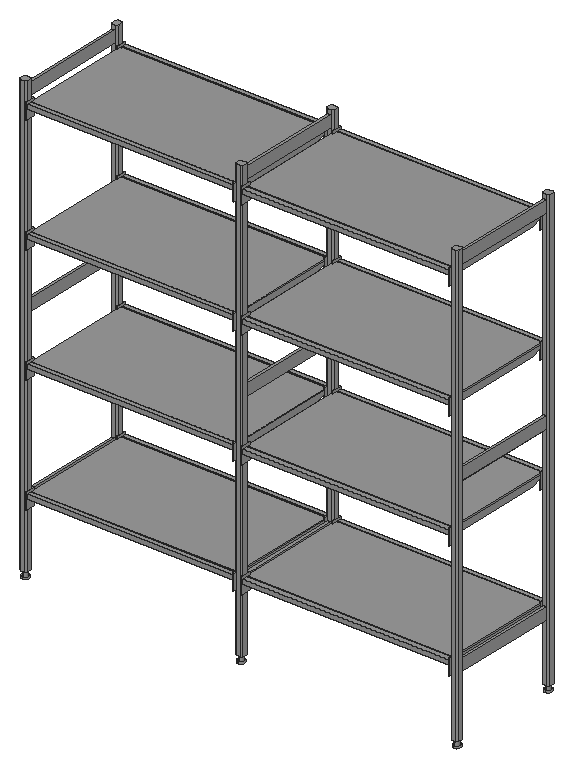
Revit family "QF_ELECTROLUXPROFESSIONAL_137040_BLS1696", category Attrezzature speciali, Revit 2020
Family settings
  Quota connettore circolare = Usa diametro
  Tipo di parte = Normale
  Basato su piano di lavoro = No
  Sempre verticale = Sì
  Taglio con vuoti quando caricato = No
  Condiviso = No
  Punto di calcolo locali = No
Parameters (values of type "Standard")
  Weight = 34.00 kg
  Watts = 0 W
  Volts = 0 V
  URL Manufacturer = "https://www.electroluxprofessional.com/"
  URL = "https://www.electroluxprofessional.com/"
  Steam Supply Size = 0 mm
  Steam Supply Minimum Pressure = 0.0 Pa
  Steam Supply Maximum Pressure = 0.0 Pa
  Steam Consumption per Hour = 0
  Refrigeration Suction Line Size = 0.0 mm
  Refrigeration Liquid Line Size = 0.0 mm
  Refrigerant Compressor Remote = yes
  Prospetto di default = 0.0 mm
  Phase = 0
  Modello = "BLS1696"
  Produttore = "Electrolux Professional"
  Length Actual = 1696.0 mm  # constant formula
  Item Number = "137040"
  Hot Water Size = 0 mm
  Height Actual = 1700.0 mm  # constant formula
  HP = "0 HP"
  Gas Size = 0 mm
  Gas KW = 0
  Gas Input Pressure = 0 W
  Direct Waste Size = 0 mm
  Descrizione = "ALUM.LINEAR SHELV.-POLY.TIERS-475X1696MM"
  Depth Actual = 475.0 mm  # constant formula
  Cycle = 0 Hz
  Condensate Return Size = 0 mm
  Compressed Air Volume = 0.0 L/s
  Compressed Air Size = 0 mm
  Compressed Air Pressure = 0.0 Pa
  Cold Water Size = 0 mm
  Accessory = yes
Reference planes
  plane 1: z = 0
  plane 2 "CenterLeft": x = -31
  plane 3 "LEFT": x = -417
  plane 4 "BACK": y = 23
  plane 5 "FRONT": y = -452
  plane 6 "TOP": z = 1700
  plane 7: x = -385
  plane 8: x = 413
  plane 9 "Center (Front/Back)": y = -214.5
  plane 10: y = -8.5
  plane 11: y = -420.5
  plane 12 "FEET": z = 25
  plane 13: z = 275
  plane 14: z = 725
  plane 15: z = 1175
  plane 16: z = 1625
  plane 17 "CXLeft": x = -403
  plane 18 "Center (Left/Right)": x = 431
  plane 19: y = 5.5
  plane 20 "CYBack": y = 5.5
  plane 21 "CYFront": y = -434.5
  plane 22 "RIGHT": x = 1279
  plane 23: x = 1247
  plane 24 "CXRight": x = 1265
  plane 25: x = 449
Forms (mm)
  Extrusion 1, solid, material "QF_Aluminum"
    sketch origin (-417, 0, -4.006) x (0, 1, 0) y (0, 0, 1)
      loop
        line (-12, 1637.003) -> (4, 1637.003) -> (4, 1655) -> (2.007, 1655) -> (2.007, 1648.501) -> (-431, 1648.501) -> (-431, 1655) -> (-433, 1655) -> (-433, 1637.003) -> (-417, 1637.003) -> (-383, 1625) -> (-46, 1625) -> (-12, 1637.003)
      loop
        line (-12, 1187.003) -> (4, 1187.003) -> (4, 1205) -> (2.007, 1205) -> (2.007, 1198.501) -> (-431, 1198.501) -> (-431, 1205) -> (-433, 1205) -> (-433, 1187.003) -> (-417, 1187.003) -> (-383, 1175) -> (-46, 1175) -> (-12, 1187.003)
      loop
        line (-12, 737.003) -> (4, 737.003) -> (4, 755) -> (2.007, 755) -> (2.007, 748.501) -> (-431, 748.501) -> (-431, 755) -> (-433, 755) -> (-433, 737.003) -> (-417, 737.003) -> (-383, 725) -> (-46, 725) -> (-12, 737.003)
      loop
        line (-12, 287.003) -> (4, 287.003) -> (4, 305) -> (2.007, 305) -> (2.007, 298.501) -> (-431, 298.501) -> (-431, 305) -> (-433, 305) -> (-433, 287.003) -> (-417, 287.003) -> (-383, 275) -> (-46, 275) -> (-12, 287.003)
    from 37 to 32
  Extrusion 2, solid, material "QF_Aluminum"
    sketch origin (-417, 0, 0) x (0, 1, 0) y (0, 0, 1)
      loop
        line (23, 246.005) -> (23, 307.993) -> (-12.993, 307.993) -> (-12.993, 246.005) -> (23, 246.005)
      loop
        line (-452, 246.005) -> (-416.007, 246.005) -> (-416.007, 307.993) -> (-452, 307.993) -> (-452, 246.005)
      loop
        line (23, 696.005) -> (23, 757.993) -> (-12.993, 757.993) -> (-12.993, 696.005) -> (23, 696.005)
      loop
        line (-452, 696.005) -> (-416.007, 696.005) -> (-416.007, 757.993) -> (-452, 757.993) -> (-452, 696.005)
      loop
        line (23, 1146.005) -> (23, 1207.993) -> (-12.993, 1207.993) -> (-12.993, 1146.005) -> (23, 1146.005)
      loop
        line (-452, 1146.005) -> (-416.007, 1146.005) -> (-416.007, 1207.993) -> (-452, 1207.993) -> (-452, 1146.005)
      loop
        line (23, 1596.005) -> (23, 1657.993) -> (-12.993, 1657.993) -> (-12.993, 1596.005) -> (23, 1596.005)
      loop
        line (-452, 1596.005) -> (-416.007, 1596.005) -> (-416.007, 1657.993) -> (-452, 1657.993) -> (-452, 1596.005)
    from 28 to 32
  Extrusion 3, solid, material "QF_Aluminum"
    sketch origin (-417, 0, 0) x (0, 1, 0) y (0, 0, 1)
      loop
        line (4, 1650.994) -> (4, 1632.998) -> (23, 1632.998) -> (23, 1650.994) -> (4, 1650.994)
      loop
        line (-433, 1650.994) -> (-452, 1650.994) -> (-452, 1632.998) -> (-433, 1632.998) -> (-433, 1650.994)
      loop
        line (4, 1200.994) -> (4, 1182.998) -> (23, 1182.998) -> (23, 1200.994) -> (4, 1200.994)
      loop
        line (-433, 1200.994) -> (-452, 1200.994) -> (-452, 1182.998) -> (-433, 1182.998) -> (-433, 1200.994)
      loop
        line (4, 750.994) -> (4, 732.998) -> (23, 732.998) -> (23, 750.994) -> (4, 750.994)
      loop
        line (-433, 750.994) -> (-452, 750.994) -> (-452, 732.998) -> (-433, 732.998) -> (-433, 750.994)
      loop
        line (4, 300.994) -> (4, 282.998) -> (23, 282.998) -> (23, 300.994) -> (4, 300.994)
      loop
        line (-433, 300.994) -> (-452, 300.994) -> (-452, 282.998) -> (-433, 282.998) -> (-433, 300.994)
    from 32 to 830
  Extrusion 4, solid, material "QF_Polyethylene"
    sketch origin (-417, 0, 0) x (0, 1, 0) y (0, 0, 1)
      loop
        line (2.007, 1650.994) -> (-431, 1650.994) -> (-431, 1644.496) -> (2.007, 1644.496) -> (2.007, 1650.994)
      loop
        line (2.007, 1200.994) -> (-431, 1200.994) -> (-431, 1194.496) -> (2.007, 1194.496) -> (2.007, 1200.994)
      loop
        line (2.007, 750.994) -> (-431, 750.994) -> (-431, 744.496) -> (2.007, 744.496) -> (2.007, 750.994)
      loop
        line (2.007, 300.994) -> (-431, 300.994) -> (-431, 294.496) -> (2.007, 294.496) -> (2.007, 300.994)
    from 32 to 830
  Extrusion 5, solid, material "QF_Aluminum"
    sketch origin (1279, 0, 0) x (0, 1, 0) y (0, 0, 1)
      loop
        line (4, 1650.994) -> (4, 1632.998) -> (23, 1632.998) -> (23, 1650.994) -> (4, 1650.994)
      loop
        line (-433, 1650.994) -> (-452, 1650.994) -> (-452, 1632.998) -> (-433, 1632.998) -> (-433, 1650.994)
      loop
        line (4, 1200.994) -> (4, 1182.998) -> (23, 1182.998) -> (23, 1200.994) -> (4, 1200.994)
      loop
        line (-433, 1200.994) -> (-452, 1200.994) -> (-452, 1182.998) -> (-433, 1182.998) -> (-433, 1200.994)
      loop
        line (4, 750.994) -> (4, 732.998) -> (23, 732.998) -> (23, 750.994) -> (4, 750.994)
      loop
        line (-433, 750.994) -> (-452, 750.994) -> (-452, 732.998) -> (-433, 732.998) -> (-433, 750.994)
      loop
        line (4, 300.994) -> (4, 282.998) -> (23, 282.998) -> (23, 300.994) -> (4, 300.994)
      loop
        line (-433, 300.994) -> (-452, 300.994) -> (-452, 282.998) -> (-433, 282.998) -> (-433, 300.994)
    from -32 to -830
  Extrusion 6, solid, material "QF_Polyethylene"
    sketch origin (1279, 0, 0) x (0, 1, 0) y (0, 0, 1)
      loop
        line (2.007, 1650.994) -> (-431, 1650.994) -> (-431, 1644.496) -> (2.007, 1644.496) -> (2.007, 1650.994)
      loop
        line (2.007, 1200.994) -> (-431, 1200.994) -> (-431, 1194.496) -> (2.007, 1194.496) -> (2.007, 1200.994)
      loop
        line (2.007, 750.994) -> (-431, 750.994) -> (-431, 744.496) -> (2.007, 744.496) -> (2.007, 750.994)
      loop
        line (2.007, 300.994) -> (-431, 300.994) -> (-431, 294.496) -> (2.007, 294.496) -> (2.007, 300.994)
    from -32 to -830
Lines and regions (mm)
  symbolic lines
    curve 1: line (413, 4, 1700) -> (-385, 4, 1700)
    curve 2: line (-408, -8.5, 1700) -> (-408, -420.5, 1700)
    curve 3: line (-398, -420.5, 1700) -> (-398, -8.5, 1700)
    curve 4: line (-389, 23, 1700) -> (417, 23, 1700)
    curve 5: line (-385, -452, 1700) -> (413, -452, 1700)
    curve 6: line (445, 23, 1700) -> (1251, 23, 1700)
    curve 7: line (445, -452, 1700) -> (1251, -452, 1700)
    curve 8: line (-385, -433, 1700) -> (413, -433, 1700)
    curve 9: line (449, -433, 1700) -> (1247, -433, 1700)
    curve 10: line (449, 4, 1700) -> (1247, 4, 1700)
    curve 11: line (1247, -12.993, 1700) -> (1247, -416.007, 1700)
    curve 12: line (413, -12.993, 1700) -> (413, -416.007, 1700)
    curve 13: line (449, -416.007, 1700) -> (449, -12.993, 1700)
    curve 14: line (-385, -12.993, 1700) -> (-385, -416.007, 1700)
Dimensions and locks
  plane 3 "LEFT" to plane 2 "CenterLeft" = 386.0 mm
  locked: plane 6 "TOP" to level at 1700
  locked: plane 4 "BACK" to plane 5 "FRONT" at 475
  locked: plane 7 to plane 8 at 798
  locked: plane 10 to plane 11 at 412
  equal spacing: plane 10, plane 9 "Center (Front/Back)", plane 11
  equal spacing: plane 4 "BACK", plane 9 "Center (Front/Back)", plane 5 "FRONT"
  plane 12 "FEET" to level = 25.0 mm
  plane 6 "TOP" to plane 12 "FEET" = 1675.0 mm
  plane 13 to plane 12 "FEET" = 250.0 mm
  plane 14 to plane 13 = 450.0 mm
  plane 15 to plane 14 = 450.0 mm
  plane 16 to plane 15 = 450.0 mm
  locked: plane 4 "BACK" to plane 20 "CYBack" at 17.5
  locked: plane 21 "CYFront" to plane 5 "FRONT" at 17.5
  locked: plane 4 "BACK" to Extrusion 1 at 19
  locked: Extrusion 1 to plane 5 "FRONT" at 19
  Extrusion 1 sketch curve to plane 21 "CYFront" = 3.5 mm
  plane 3 "LEFT" to plane 22 "RIGHT" = 1696.0 mm
  locked: plane 25 to plane 23 at 798
  locked: plane 8 to plane 18 "Center (Left/Right)" at 18
  locked: plane 18 "Center (Left/Right)" to plane 25 at 18
  locked: plane 3 "LEFT" to plane 7 at 32
  locked: plane 24 "CXRight" to plane 22 "RIGHT" at 14
  aligned and locked: level to plane 1
  aligned and locked: plane 7 to Extrusion 1
  aligned and locked: Extrusion 2 to plane 7
  aligned and locked: plane 7 to Extrusion 4
  aligned and locked: Extrusion 4 to plane 8
  aligned and locked: plane 7 to Extrusion 3
  aligned and locked: Extrusion 3 to plane 8
  aligned and locked: Extrusion 3 sketch curve to Extrusion 1
  aligned and locked: Extrusion 1 to Extrusion 3 sketch curve
  aligned and locked: Extrusion 3 sketch curve to Extrusion 3 sketch curve  (x2)
  aligned and locked: Extrusion 1 sketch curve to Extrusion 1 sketch curve  (x3)
  aligned and locked: Extrusion 4 sketch curve to Extrusion 1  (x4)
  aligned and locked: Extrusion 5 sketch curve to Extrusion 5 sketch curve  (x2)
  aligned and locked: Extrusion 5 to plane 25
  aligned and locked: Extrusion 6 to plane 25
  aligned and locked: nested 3 to plane 18 "Center (Left/Right)"
  aligned and locked: nested 1 to plane 17 "CXLeft"
  aligned and locked: Extrusion 3 to plane 7  (x3)
  aligned and locked: plane 8 to Extrusion 3  (x4)
  aligned and locked: plane 25 to Extrusion 5  (x4)
  aligned and locked: plane 25 to Extrusion 6  (x4)
  aligned and locked: plane 8 to Extrusion 4  (x4)
  aligned and locked: nested 2 to plane 24 "CXRight"
  aligned and locked: Extrusion 5 to plane 23
  aligned and locked: Extrusion 6 to plane 23
  aligned and locked: plane 23 to Extrusion 5  (x3)
  aligned and locked: plane 23 to Extrusion 6  (x3)
Automatic sketch dimensions
  plane 21 "CYFront" to Extrusion 1 sketch curve = 1.5 mm  (x4)
  plane 11 to Extrusion 1 sketch curve = 3.5 mm  (x4)
  Extrusion 1 sketch curve to plane 13 = 4.006 mm
  Extrusion 1 sketch curve to Extrusion 1 sketch curve = 34.0 mm  (x4)
  Extrusion 1 sketch curve to plane 14 = 4.006 mm
  Extrusion 1 sketch curve to plane 15 = 4.006 mm
  Extrusion 1 sketch curve to plane 16 = 4.006 mm
  Extrusion 1 sketch curve to plane 10 = 37.5 mm  (x4)
  Extrusion 1 sketch curve to plane 10 = 3.5 mm  (x4)
  plane 19 to Extrusion 1 sketch curve = 3.493 mm  (x4)
  plane 19 to Extrusion 1 sketch curve = 1.5 mm  (x4)
  plane 13 to Extrusion 1 sketch curve = 7.998 mm  (x2)
  Extrusion 1 sketch curve to Extrusion 1 sketch curve = 11.498 mm  (x4)
  Extrusion 1 sketch curve to Extrusion 1 sketch curve = 6.499 mm  (x8)
  plane 14 to Extrusion 1 sketch curve = 7.998 mm  (x2)
  plane 15 to Extrusion 1 sketch curve = 7.998 mm  (x2)
  plane 16 to Extrusion 1 sketch curve = 7.998 mm  (x2)
  Extrusion 2 sketch curve to plane 5 "FRONT" = 0.0 mm  (x4)
  Extrusion 2 sketch curve to plane 4 "BACK" = 0.0 mm  (x4)
  plane 11 to Extrusion 2 sketch curve = 4.493 mm  (x4)
  Extrusion 2 sketch curve to plane 10 = 4.493 mm  (x4)
  Extrusion 2 sketch curve to plane 13 = 28.995 mm  (x2)
  plane 13 to Extrusion 2 sketch curve = 32.993 mm  (x2)
  Extrusion 2 sketch curve to plane 14 = 28.995 mm  (x2)
  plane 14 to Extrusion 2 sketch curve = 32.993 mm  (x2)
  Extrusion 2 sketch curve to plane 15 = 28.995 mm  (x2)
  plane 15 to Extrusion 2 sketch curve = 32.993 mm  (x2)
  Extrusion 2 sketch curve to plane 16 = 28.995 mm  (x2)
  plane 16 to Extrusion 2 sketch curve = 32.993 mm  (x2)
  Extrusion 3 sketch curve to plane 5 "FRONT" = 0.0 mm  (x4)
  Extrusion 3 sketch curve to plane 4 "BACK" = 0.0 mm  (x4)
  plane 19 to Extrusion 3 sketch curve = 1.5 mm  (x4)
  plane 13 to Extrusion 3 sketch curve = 7.998 mm  (x2)
  Extrusion 3 sketch curve to Extrusion 3 sketch curve = 17.997 mm  (x8)
  plane 14 to Extrusion 3 sketch curve = 7.998 mm  (x2)
  plane 15 to Extrusion 3 sketch curve = 7.998 mm  (x2)
  plane 16 to Extrusion 3 sketch curve = 7.998 mm  (x2)
  plane 19 to Extrusion 4 sketch curve = 3.493 mm  (x4)
  plane 13 to Extrusion 4 sketch curve = 19.496 mm
  Extrusion 4 sketch curve to Extrusion 4 sketch curve = 6.499 mm  (x4)
  plane 14 to Extrusion 4 sketch curve = 19.496 mm
  plane 15 to Extrusion 4 sketch curve = 19.496 mm
  plane 16 to Extrusion 4 sketch curve = 19.496 mm
  Extrusion 5 sketch curve to plane 5 "FRONT" = 0.0 mm  (x4)
  Extrusion 5 sketch curve to plane 4 "BACK" = 0.0 mm  (x4)
  plane 21 "CYFront" to Extrusion 5 sketch curve = 1.5 mm  (x2)
  plane 19 to Extrusion 5 sketch curve = 1.5 mm  (x4)
  plane 13 to Extrusion 5 sketch curve = 7.998 mm  (x2)
  Extrusion 5 sketch curve to Extrusion 5 sketch curve = 17.997 mm  (x8)
  plane 14 to Extrusion 5 sketch curve = 7.998 mm  (x2)
  plane 15 to Extrusion 5 sketch curve = 7.998 mm  (x2)
  plane 16 to Extrusion 5 sketch curve = 7.998 mm  (x2)
  plane 21 "CYFront" to Extrusion 6 sketch curve = 3.5 mm  (x4)
  plane 19 to Extrusion 6 sketch curve = 3.493 mm  (x4)
  plane 13 to Extrusion 6 sketch curve = 19.496 mm
  Extrusion 6 sketch curve to Extrusion 6 sketch curve = 6.499 mm  (x4)
  plane 14 to Extrusion 6 sketch curve = 19.496 mm
  plane 15 to Extrusion 6 sketch curve = 19.496 mm
  plane 16 to Extrusion 6 sketch curve = 19.496 mm
  curve 7 to plane 5 "FRONT" = 0.0 mm
  curve 5 to plane 5 "FRONT" = 0.0 mm
  curve 8 to plane 8 = 0.0 mm
  curve 9 to plane 25 = 0.0 mm
  curve 9 to plane 23 = 0.0 mm
  curve 8 to plane 7 = 0.0 mm
  curve 2 to plane 11 = 0.0 mm
  curve 3 to plane 11 = 0.0 mm
  curve 14 to plane 7 = 0.0 mm
  curve 13 to plane 25 = 0.0 mm
  curve 12 to plane 8 = 0.0 mm
  curve 11 to plane 23 = 0.0 mm
  curve 3 to plane 10 = 0.0 mm
  curve 2 to plane 10 = 0.0 mm
  curve 1 to plane 8 = 0.0 mm
  curve 1 to plane 7 = 0.0 mm
  curve 10 to plane 23 = 0.0 mm
  curve 10 to plane 25 = 0.0 mm
  curve 4 to plane 4 "BACK" = 0.0 mm
  curve 6 to plane 4 "BACK" = 0.0 mm
  curve 5 to plane 8 = 0.0 mm
  curve 5 to plane 7 = 0.0 mm
  plane 21 "CYFront" to curve 8 = 1.5 mm
  plane 21 "CYFront" to curve 9 = 1.5 mm
  plane 11 to curve 14 = 4.493 mm
  plane 11 to curve 13 = 4.493 mm
  plane 11 to curve 12 = 4.493 mm
  plane 11 to curve 11 = 4.493 mm
  curve 14 to plane 10 = 4.493 mm
  curve 13 to plane 10 = 4.493 mm
  curve 12 to plane 10 = 4.493 mm
  curve 11 to plane 10 = 4.493 mm
  plane 19 to curve 1 = 1.5 mm
  plane 19 to curve 10 = 1.5 mm
  curve 6 to plane 23 = 4.0 mm
  curve 7 to plane 23 = 4.0 mm
  curve 6 to plane 25 = 4.0 mm
  curve 7 to plane 25 = 4.0 mm
  curve 4 to plane 8 = 4.0 mm
  plane 7 to curve 4 = 4.0 mm
  plane 17 "CXLeft" to curve 3 = 5.0 mm
  curve 2 to plane 17 "CXLeft" = 5.0 mm
Nested families
  nested 1: "WT_Anta475" at (0, 0, 0), type "WT_Anta475"
  nested 2: "WT_Anta475" at (862, 0, 0) x (-1, 0, 0) z (0, 0, 1), type "WT_Anta475"
  nested 3: "WT_Anta475Center" at (834, 0, 0), type "WT_Anta475Center"
Definition of nested family "WT_Anta475"
  Parameters
    WidthLeft = A + 64.0 mm  # 772.0 mm
    Width = 1606.0 mm
    Right = WidthLeft / 2  # 386.0 mm
    Default Elevation = 0.0 mm
    Left = -WidthLeft / 2  # -386.0 mm
    Height = 1725.0 mm
    FEET = 25.0 mm
    E = 0.0 mm
    Dint = Depth - 63.0 mm  # 412.0 mm
    Dext = Depth - 8.0 mm  # 467.0 mm
    Depth = 475.0 mm
    DX = (WidthLeft - A) / 2  # 32.0 mm
    B = 798.0 mm
    A = 708.0 mm
  Reference planes
    plane 1: z = 0
    plane 2 "LEFT": x = -417
    plane 3 "BACK": y = 23
    plane 4 "FRONT": y = -452
    plane 5 "TOP": z = 1725
    plane 6 "Center (Front/Back)": y = -214.5
    plane 7: y = -8.5
    plane 8: y = -420.5
    plane 9 "FEET": z = 25
    plane 10: z = 275
    plane 11: z = 725
    plane 12: z = 1175
    plane 13: z = 1625
    plane 14 "CXLeft": x = -403
    plane 15: y = 5.5
    plane 16 "CYBack": y = 5.5
    plane 17 "CYFront": y = -434.5
    plane 18: x = -385.031
    plane 19: x = -380.031
  Forms (mm)
    Extrusion 1, solid
      sketch origin (0, 0, 0) x (1, 0, 0) y (0, 1, 0)
        loop
          line (-417, 13.246) -> (-417, -2.246) -> (-410.746, -8.5) -> (-395.254, -8.5) -> (-389, -2.246) -> (-389, 13.246) -> (-395.254, 19.5) -> (-410.746, 19.5) -> (-417, 13.246)
      from 1725 to 25
    Extrusion 2, solid
      sketch origin (-417, 0, 0) x (0, 1, 0) y (0, 0, 1)
        loop
          line (23, 246.005) -> (23, 307.993) -> (-12.993, 307.993) -> (-12.993, 246.005) -> (23, 246.005)
        loop
          line (-452, 246.005) -> (-416.007, 246.005) -> (-416.007, 307.993) -> (-452, 307.993) -> (-452, 246.005)
        loop
          line (23, 696.005) -> (23, 757.993) -> (-12.993, 757.993) -> (-12.993, 696.005) -> (23, 696.005)
        loop
          line (-452, 696.005) -> (-416.007, 696.005) -> (-416.007, 757.993) -> (-452, 757.993) -> (-452, 696.005)
        loop
          line (23, 1146.005) -> (23, 1207.993) -> (-12.993, 1207.993) -> (-12.993, 1146.005) -> (23, 1146.005)
        loop
          line (-452, 1146.005) -> (-416.007, 1146.005) -> (-416.007, 1207.993) -> (-452, 1207.993) -> (-452, 1146.005)
        loop
          line (23, 1596.005) -> (23, 1657.993) -> (-12.993, 1657.993) -> (-12.993, 1596.005) -> (23, 1596.005)
        loop
          line (-452, 1596.005) -> (-416.007, 1596.005) -> (-416.007, 1657.993) -> (-452, 1657.993) -> (-452, 1596.005)
      from 28 to 32
    Revolve 3, solid
      sketch origin (-403, 0, 0) x (0, 1, 0) y (0, 0, 1)
        loop
          line (5.5, 25) -> (5.5, 0) -> (19, 0) -> (19, 5) -> (14, 5) -> (14, 25) -> (5.5, 25)
        axis (5.5, 25) -> (5.5, 0)
      angle from 0 to 360
    Extrusion 4, solid
      sketch origin (-403, 0, 0) x (0, 1, 0) y (0, 0, 1)
        loop
          line (-8.5, 912.382) -> (-8.5, 957.374) -> (-420.5, 957.374) -> (-420.5, 912.382) -> (-8.5, 912.382)
        loop
          line (-8.5, 1662.244) -> (-8.5, 1707.236) -> (-420.5, 1707.236) -> (-420.5, 1662.244) -> (-8.5, 1662.244)
      from -5 to 5
    Revolve 5, solid
      sketch origin (-403, -627, 0) x (0, -1, 0) y (0, 0, 1)
        loop
          line (-192.5, 25) -> (-192.5, 0) -> (-179, 0) -> (-179, 5) -> (-184, 5) -> (-184, 25) -> (-192.5, 25)
        axis (-192.5, 25) -> (-192.5, 0)
      angle from 0 to 360
    Extrusion 6, solid
      sketch origin (0, -627, 0) x (1, 0, 0) y (0, 1, 0)
        loop
          line (-417, 184.754) -> (-410.746, 178.5) -> (-395.254, 178.5) -> (-389, 184.754) -> (-389, 200.246) -> (-395.254, 206.5) -> (-410.746, 206.5) -> (-417, 200.246) -> (-417, 184.754)
      from 1725 to 25
    Extrusion 7, solid
      sketch origin (-417.031, -0.022, 0) x (0, 1, 0) y (0, 0, -1)
        loop
          line (-12, -1632.998) -> (-46, -1620.994) -> (-383, -1620.994) -> (-417, -1632.998) -> (-433, -1632.998) -> (-433, -1650.994) -> (-431, -1650.994) -> (-431, -1644.496) -> (2.007, -1644.496) -> (2.007, -1650.994) -> (4, -1650.994) -> (4, -1632.998) -> (-12, -1632.998)
        loop
          line (-12, -1182.998) -> (-46, -1170.994) -> (-383, -1170.994) -> (-417, -1182.998) -> (-433, -1182.998) -> (-433, -1200.994) -> (-431, -1200.994) -> (-431, -1194.496) -> (2.007, -1194.496) -> (2.007, -1200.994) -> (4, -1200.994) -> (4, -1182.998) -> (-12, -1182.998)
        loop
          line (-12, -732.998) -> (-46, -720.994) -> (-383, -720.994) -> (-417, -732.998) -> (-433, -732.998) -> (-433, -750.994) -> (-431, -750.994) -> (-431, -744.496) -> (2.007, -744.496) -> (2.007, -750.994) -> (4, -750.994) -> (4, -732.998) -> (-12, -732.998)
        loop
          line (-12, -282.998) -> (-46, -270.994) -> (-383, -270.994) -> (-417, -282.998) -> (-433, -282.998) -> (-433, -300.994) -> (-431, -300.994) -> (-431, -294.496) -> (2.007, -294.496) -> (2.007, -300.994) -> (4, -300.994) -> (4, -282.998) -> (-12, -282.998)
      from -32 to -37
    Extrusion 8, solid
      sketch origin (-403, 0, -659.878) x (0, 1, 0) y (0, 0, 1)
        loop
          line (-8.5, 912.382) -> (-8.5, 957.374) -> (-420.5, 957.374) -> (-420.5, 912.382) -> (-8.5, 912.382)
        loop
          line (-8.5, 1572.382) -> (-8.5, 1617.374) -> (-420.5, 1617.374) -> (-420.5, 1572.382) -> (-8.5, 1572.382)
        loop
          line (-8.5, 2322.382) -> (-8.5, 2367.374) -> (-420.5, 2367.374) -> (-420.5, 2322.382) -> (-8.5, 2322.382)
      from -5 to 5
  Lines and regions (mm)
    symbolic lines
      curve 1: line (-408, -8.5, 1725) -> (-408, -420.5, 1725)
      curve 2: line (-398, -420.5, 1725) -> (-398, -8.5, 1725)
      curve 3: line (-395.254, -8.5, 1725) -> (-410.746, -8.5, 1725)
      curve 4: line (-417, -2.246, 1725) -> (-410.746, -8.5, 1725)
      curve 5: line (-417, 13.246, 1725) -> (-417, -2.246, 1725)
      curve 6: line (-410.746, 19.5, 1725) -> (-417, 13.246, 1725)
      curve 7: line (-395.254, 19.5, 1725) -> (-410.746, 19.5, 1725)
      curve 8: line (-389, 13.246, 1725) -> (-395.254, 19.5, 1725)
      curve 9: line (-395.254, -8.5, 1725) -> (-389, -2.246, 1725)
      curve 10: line (-395.254, -420.5, 1725) -> (-410.746, -420.5, 1725)
      curve 11: line (-417, -426.754, 1725) -> (-410.746, -420.5, 1725)
      curve 12: line (-410.746, -448.5, 1725) -> (-417, -442.246, 1725)
      curve 13: line (-395.254, -448.5, 1725) -> (-410.746, -448.5, 1725)
      curve 14: line (-389, -442.246, 1725) -> (-395.254, -448.5, 1725)
      curve 15: line (-395.254, -420.5, 1725) -> (-389, -426.754, 1725)
      curve 16: line (-389, -452, 1725) -> (-389, -416.007, 1725)
      curve 17: line (-389, -416.007, 1725) -> (-385, -416.007, 1725)
      curve 18: line (-389, 23, 1725) -> (-389, -12.993, 1725)
      curve 19: line (-389, -12.993, 1725) -> (-385, -12.993, 1725)
      curve 20: line (-417, -426.754, 1725) -> (-417, -442.246, 1725)
      curve 21: line (-385, -452, 1725) -> (-385, -416.007, 1725)
      curve 22: line (-385, -452, 1725) -> (-389, -452, 1725)
      curve 23: line (-385, 23, 1725) -> (-389, 23, 1725)
      curve 24: line (-385, -12.993, 1725) -> (-385, 23, 1725)
      curve 25: line (-385.031, -13.016, 1725) -> (-385.031, -416.029, 1725)
  Dimensions and locks
    "Height": plane 5 "TOP" to level
    "Depth": plane 3 "BACK" to plane 4 "FRONT"
    "Dint": plane 7 to plane 8
    equal spacing: plane 7, plane 6 "Center (Front/Back)", plane 8
    equal spacing: plane 3 "BACK", plane 6 "Center (Front/Back)", plane 4 "FRONT"
    plane 9 "FEET" to level = 25.0 mm
    plane 5 "TOP" to plane 9 "FEET" = 1700.0 mm
    plane 10 to plane 9 "FEET" = 250.0 mm
    plane 11 to plane 10 = 450.0 mm
    plane 12 to plane 11 = 450.0 mm
    plane 13 to plane 12 = 450.0 mm
    locked: plane 2 "LEFT" to plane 14 "CXLeft" at 14
    locked: plane 3 "BACK" to plane 16 "CYBack" at 17.5
    locked: plane 17 "CYFront" to plane 4 "FRONT" at 17.5
    locked: Revolve 3 sketch curve to Revolve 3 sketch curve at 8.5
    locked: Revolve 3 sketch curve to plane 16 "CYBack" at 13.5
    locked: Revolve 5 sketch curve to Revolve 5 sketch curve at 8.5
    aligned and locked: level to plane 1
    aligned and locked: curve 20 to Extrusion 6
    aligned and locked: plane 5 "TOP" to Extrusion 1
    aligned and locked: plane 5 "TOP" to Extrusion 6
    aligned and locked: Extrusion 7 sketch curve to Extrusion 7 sketch curve  (x3)
  Automatic sketch dimensions
    curve 16 to plane 4 "FRONT" = 0.0 mm
    curve 11 to plane 8 = 0.0 mm
    curve 9 to plane 7 = 0.0 mm
    curve 5 to plane 2 "LEFT" = 0.0 mm
    curve 23 to plane 3 "BACK" = 0.0 mm
    plane 4 "FRONT" to curve 13 = 3.5 mm
    curve 20 to plane 17 "CYFront" = 7.746 mm
    curve 20 to plane 8 = 6.254 mm
    plane 8 to curve 16 = 4.493 mm
    curve 24 to plane 18 = 0.031 mm
    curve 24 to plane 7 = 4.493 mm
    plane 7 to curve 5 = 6.254 mm
    curve 5 to plane 15 = 7.746 mm
    curve 6 to plane 3 "BACK" = 3.5 mm
    curve 21 to plane 18 = 0.031 mm
    plane 18 to curve 23 = 3.969 mm
    plane 18 to curve 16 = 3.969 mm
    curve 18 to curve 8 = 6.254 mm
    curve 18 to curve 3 = 6.254 mm
    curve 16 to curve 13 = 6.254 mm
    curve 16 to curve 15 = 6.254 mm
    plane 2 "LEFT" to curve 10 = 6.254 mm
    plane 2 "LEFT" to curve 7 = 6.254 mm
    plane 2 "LEFT" to curve 12 = 6.254 mm
    plane 2 "LEFT" to curve 3 = 6.254 mm
    curve 14 to plane 17 "CYFront" = 7.746 mm
    curve 15 to plane 8 = 6.254 mm
    plane 7 to curve 9 = 6.254 mm
    curve 8 to plane 15 = 7.746 mm
    curve 3 to curve 2 = 2.746 mm
    curve 1 to curve 10 = 2.746 mm
    Extrusion 1 sketch curve to plane 2 "LEFT" = 0.0 mm
    Extrusion 1 sketch curve to plane 7 = 0.0 mm
    plane 2 "LEFT" to Extrusion 1 sketch curve = 6.254 mm  (x2)
    plane 14 "CXLeft" to Extrusion 1 sketch curve = 7.746 mm  (x2)
    Extrusion 1 sketch curve to plane 3 "BACK" = 3.5 mm
    plane 18 to Extrusion 1 sketch curve = 3.969 mm
    plane 7 to Extrusion 1 sketch curve = 6.254 mm  (x2)
    Extrusion 1 sketch curve to plane 15 = 7.746 mm  (x2)
    Extrusion 2 sketch curve to plane 4 "FRONT" = 0.0 mm  (x4)
    Extrusion 2 sketch curve to plane 3 "BACK" = 0.0 mm  (x4)
    plane 8 to Extrusion 2 sketch curve = 4.493 mm  (x4)
    Extrusion 2 sketch curve to plane 7 = 4.493 mm  (x4)
    Extrusion 2 sketch curve to plane 10 = 28.995 mm  (x2)
    plane 10 to Extrusion 2 sketch curve = 32.993 mm  (x2)
    Extrusion 2 sketch curve to plane 11 = 28.995 mm  (x2)
    plane 11 to Extrusion 2 sketch curve = 32.993 mm  (x2)
    Extrusion 2 sketch curve to plane 12 = 28.995 mm  (x2)
    plane 12 to Extrusion 2 sketch curve = 32.993 mm  (x2)
    Extrusion 2 sketch curve to plane 13 = 28.995 mm  (x2)
    plane 13 to Extrusion 2 sketch curve = 32.993 mm  (x2)
    Revolve 3 sketch curve to plane 9 "FEET" = 0.0 mm  (x2)
    Revolve 3 sketch curve to plane 15 = 0.0 mm  (x2)
    Revolve 3 sketch curve to level = 0.0 mm
    level to Revolve 3 sketch curve = 5.0 mm
    Revolve 3 sketch curve to Revolve 3 sketch curve = 11.655 mm
    Extrusion 4 sketch curve to plane 8 = 0.0 mm  (x2)
    Extrusion 4 sketch curve to plane 7 = 0.0 mm  (x2)
    plane 11 to Extrusion 4 sketch curve = 187.382 mm
    Extrusion 4 sketch curve to Extrusion 4 sketch curve = 44.992 mm
    plane 13 to Extrusion 4 sketch curve = 37.244 mm
    Extrusion 4 sketch curve to plane 5 "TOP" = 17.764 mm
    Revolve 5 sketch curve to plane 9 "FEET" = 0.0 mm  (x2)
    Revolve 5 sketch curve to plane 17 "CYFront" = 0.0 mm  (x2)
    Revolve 5 sketch curve to level = 0.0 mm
    Revolve 5 sketch curve to plane 4 "FRONT" = 4.0 mm
    Revolve 5 sketch curve to Revolve 5 sketch curve = 5.0 mm
    level to Revolve 5 sketch curve = 11.655 mm
    Extrusion 6 sketch curve to plane 2 "LEFT" = 0.0 mm
    Extrusion 6 sketch curve to plane 8 = 0.0 mm
    Extrusion 6 sketch curve to plane 2 "LEFT" = 6.254 mm  (x2)
    Extrusion 6 sketch curve to plane 14 "CXLeft" = 7.746 mm  (x2)
    Extrusion 6 sketch curve to plane 4 "FRONT" = 3.5 mm
    Extrusion 6 sketch curve to plane 18 = 3.969 mm
    plane 8 to Extrusion 6 sketch curve = 6.254 mm  (x2)
    plane 17 "CYFront" to Extrusion 6 sketch curve = 7.746 mm  (x2)
    plane 17 "CYFront" to Extrusion 7 sketch curve = 1.478 mm  (x4)
    Extrusion 7 sketch curve to Extrusion 7 sketch curve = 2.0 mm
    plane 8 to Extrusion 7 sketch curve = 3.478 mm  (x4)
    Extrusion 7 sketch curve to plane 10 = 4.006 mm
    Extrusion 7 sketch curve to Extrusion 7 sketch curve = 34.0 mm  (x4)
    Extrusion 7 sketch curve to plane 11 = 4.006 mm
    Extrusion 7 sketch curve to plane 12 = 4.006 mm
    Extrusion 7 sketch curve to plane 13 = 4.006 mm
    Extrusion 7 sketch curve to plane 7 = 37.522 mm  (x4)
    Extrusion 7 sketch curve to plane 7 = 3.522 mm  (x4)
    plane 15 to Extrusion 7 sketch curve = 3.516 mm  (x4)
    plane 15 to Extrusion 7 sketch curve = 1.522 mm  (x4)
    plane 13 to Extrusion 7 sketch curve = 7.998 mm  (x2)
    Extrusion 7 sketch curve to Extrusion 7 sketch curve = 11.498 mm
    Extrusion 7 sketch curve to Extrusion 7 sketch curve = 6.499 mm  (x5)
    plane 12 to Extrusion 7 sketch curve = 25.994 mm  (x2)
    plane 12 to Extrusion 7 sketch curve = 7.998 mm  (x2)
    plane 11 to Extrusion 7 sketch curve = 25.994 mm  (x2)
    plane 11 to Extrusion 7 sketch curve = 7.998 mm  (x2)
    plane 10 to Extrusion 7 sketch curve = 25.994 mm  (x2)
    plane 10 to Extrusion 7 sketch curve = 7.998 mm  (x2)
    curve 25 to plane 18 = 0.0 mm
    plane 8 to curve 25 = 4.471 mm
    curve 25 to plane 7 = 4.516 mm
    Extrusion 8 sketch curve to plane 8 = 0.0 mm  (x3)
    Extrusion 8 sketch curve to plane 7 = 0.0 mm  (x3)
    Extrusion 8 sketch curve to plane 10 = 22.496 mm
    plane 10 to Extrusion 8 sketch curve = 22.496 mm
    plane 11 to Extrusion 8 sketch curve = 187.504 mm
    Extrusion 8 sketch curve to Extrusion 8 sketch curve = 44.992 mm
    plane 13 to Extrusion 8 sketch curve = 37.504 mm
    Extrusion 8 sketch curve to plane 5 "TOP" = 17.504 mm
Definition of nested family "WT_Anta475Center"
  Parameters
    WidthLeft = A + 64.0 mm  # 772.0 mm
    Width = 1606.0 mm
    Right = WidthLeft / 2  # 386.0 mm
    Default Elevation = 0.0 mm
    Left = -WidthLeft / 2  # -386.0 mm
    Height = 1725.0 mm
    FEET = 25.0 mm
    E = 0.0 mm
    Dint = Depth - 63.0 mm  # 412.0 mm
    Dext = Depth - 8.0 mm  # 467.0 mm
    Depth = 475.0 mm
    DX = (WidthLeft - A) / 2  # 32.0 mm
    B = 798.0 mm
    A = 708.0 mm
  Reference planes
    plane 1: z = 0
    plane 2 "L": x = -417
    plane 3 "BACK": y = 23
    plane 4 "FRONT": y = -452
    plane 5 "TOP": z = 1725
    plane 6 "Center (Front/Back)": y = -214.5
    plane 7: y = -8.5
    plane 8: y = -420.5
    plane 9 "FEET": z = 25
    plane 10: z = 275
    plane 11: z = 725
    plane 12: z = 1175
    plane 13: z = 1625
    plane 14 "CXLeft": x = -403
    plane 15: y = 5.5
    plane 16 "CYBack": y = 5.5
    plane 17 "CYFront": y = -434.5
    plane 18: x = -385.031
    plane 19 "RIGHT": x = -380.031
    plane 20: x = -420.969
    plane 21 "LEFT": x = -425.969
  Forms (mm)
    Extrusion 1, solid
      sketch origin (0, 0, 0) x (1, 0, 0) y (0, 1, 0)
        loop
          line (-417, 13.246) -> (-417, -2.246) -> (-410.746, -8.5) -> (-395.254, -8.5) -> (-389, -2.246) -> (-389, 13.246) -> (-395.254, 19.5) -> (-410.746, 19.5) -> (-417, 13.246)
      from 1725 to 25
    Extrusion 2, solid
      sketch origin (-417, 0, 0) x (0, 1, 0) y (0, 0, 1)
        loop
          line (23, 246.005) -> (23, 307.993) -> (-12.993, 307.993) -> (-12.993, 246.005) -> (23, 246.005)
        loop
          line (-452, 246.005) -> (-416.007, 246.005) -> (-416.007, 307.993) -> (-452, 307.993) -> (-452, 246.005)
        loop
          line (23, 696.005) -> (23, 757.993) -> (-12.993, 757.993) -> (-12.993, 696.005) -> (23, 696.005)
        loop
          line (-452, 696.005) -> (-416.007, 696.005) -> (-416.007, 757.993) -> (-452, 757.993) -> (-452, 696.005)
        loop
          line (23, 1146.005) -> (23, 1207.993) -> (-12.993, 1207.993) -> (-12.993, 1146.005) -> (23, 1146.005)
        loop
          line (-452, 1146.005) -> (-416.007, 1146.005) -> (-416.007, 1207.993) -> (-452, 1207.993) -> (-452, 1146.005)
        loop
          line (23, 1596.005) -> (23, 1657.993) -> (-12.993, 1657.993) -> (-12.993, 1596.005) -> (23, 1596.005)
        loop
          line (-452, 1596.005) -> (-416.007, 1596.005) -> (-416.007, 1657.993) -> (-452, 1657.993) -> (-452, 1596.005)
      from 28 to 32
    Revolve 3, solid
      sketch origin (-403, 0, 0) x (0, 1, 0) y (0, 0, 1)
        loop
          line (5.5, 25) -> (5.5, 0) -> (19, 0) -> (19, 5) -> (14, 5) -> (14, 25) -> (5.5, 25)
        axis (5.5, 25) -> (5.5, 0)
      angle from 0 to 360
    Extrusion 4, solid
      sketch origin (-403, 0, 0) x (0, 1, 0) y (0, 0, 1)
        loop
          line (-8.5, 912.382) -> (-8.5, 957.374) -> (-420.5, 957.374) -> (-420.5, 912.382) -> (-8.5, 912.382)
        loop
          line (-8.5, 1662.244) -> (-8.5, 1707.236) -> (-420.5, 1707.236) -> (-420.5, 1662.244) -> (-8.5, 1662.244)
      from -5 to 5
    Revolve 5, solid
      sketch origin (-403, -627, 0) x (0, -1, 0) y (0, 0, 1)
        loop
          line (-192.5, 25) -> (-192.5, 0) -> (-179, 0) -> (-179, 5) -> (-184, 5) -> (-184, 25) -> (-192.5, 25)
        axis (-192.5, 25) -> (-192.5, 0)
      angle from 0 to 360
    Extrusion 6, solid
      sketch origin (0, -627, 0) x (1, 0, 0) y (0, 1, 0)
        loop
          line (-417, 184.754) -> (-410.746, 178.5) -> (-395.254, 178.5) -> (-389, 184.754) -> (-389, 200.246) -> (-395.254, 206.5) -> (-410.746, 206.5) -> (-417, 200.246) -> (-417, 184.754)
      from 1725 to 25
    Extrusion 7, solid
      sketch origin (-417.031, -0.022, 0) x (0, 1, 0) y (0, 0, -1)
        loop
          line (-12, -1632.998) -> (-46, -1620.994) -> (-383, -1620.994) -> (-417, -1632.998) -> (-433, -1632.998) -> (-433, -1650.994) -> (-431, -1650.994) -> (-431, -1644.496) -> (2.007, -1644.496) -> (2.007, -1650.994) -> (4, -1650.994) -> (4, -1632.998) -> (-12, -1632.998)
        loop
          line (-12, -1182.998) -> (-46, -1170.994) -> (-383, -1170.994) -> (-417, -1182.998) -> (-433, -1182.998) -> (-433, -1200.994) -> (-431, -1200.994) -> (-431, -1194.496) -> (2.007, -1194.496) -> (2.007, -1200.994) -> (4, -1200.994) -> (4, -1182.998) -> (-12, -1182.998)
        loop
          line (-12, -732.998) -> (-46, -720.994) -> (-383, -720.994) -> (-417, -732.998) -> (-433, -732.998) -> (-433, -750.994) -> (-431, -750.994) -> (-431, -744.496) -> (2.007, -744.496) -> (2.007, -750.994) -> (4, -750.994) -> (4, -732.998) -> (-12, -732.998)
        loop
          line (-12, -282.998) -> (-46, -270.994) -> (-383, -270.994) -> (-417, -282.998) -> (-433, -282.998) -> (-433, -300.994) -> (-431, -300.994) -> (-431, -294.496) -> (2.007, -294.496) -> (2.007, -300.994) -> (4, -300.994) -> (4, -282.998) -> (-12, -282.998)
      from -32 to -37
    Extrusion 8, solid
      sketch origin (-403, 0, -659.878) x (0, 1, 0) y (0, 0, 1)
        loop
          line (-8.5, 912.382) -> (-8.5, 957.374) -> (-420.5, 957.374) -> (-420.5, 912.382) -> (-8.5, 912.382)
        loop
          line (-8.5, 1572.382) -> (-8.5, 1617.374) -> (-420.5, 1617.374) -> (-420.5, 1572.382) -> (-8.5, 1572.382)
        loop
          line (-8.5, 2322.382) -> (-8.5, 2367.374) -> (-420.5, 2367.374) -> (-420.5, 2322.382) -> (-8.5, 2322.382)
      from -5 to 5
    Extrusion 9, solid
      sketch origin (-389, 0, 0) x (0, 1, 0) y (0, 0, -1)
        loop
          line (23, -246.005) -> (-12.993, -246.005) -> (-12.993, -307.993) -> (23, -307.993) -> (23, -246.005)
        loop
          line (-452, -246.005) -> (-452, -307.993) -> (-416.007, -307.993) -> (-416.007, -246.005) -> (-452, -246.005)
        loop
          line (23, -696.005) -> (-12.993, -696.005) -> (-12.993, -757.993) -> (23, -757.993) -> (23, -696.005)
        loop
          line (-452, -696.005) -> (-452, -757.993) -> (-416.007, -757.993) -> (-416.007, -696.005) -> (-452, -696.005)
        loop
          line (23, -1146.005) -> (-12.993, -1146.005) -> (-12.993, -1207.993) -> (23, -1207.993) -> (23, -1146.005)
        loop
          line (-452, -1146.005) -> (-452, -1207.993) -> (-416.007, -1207.993) -> (-416.007, -1146.005) -> (-452, -1146.005)
        loop
          line (23, -1596.005) -> (-12.993, -1596.005) -> (-12.993, -1657.993) -> (23, -1657.993) -> (23, -1596.005)
        loop
          line (-452, -1596.005) -> (-452, -1657.993) -> (-416.007, -1657.993) -> (-416.007, -1596.005) -> (-452, -1596.005)
      from 28 to 32
    Extrusion 10, solid
      sketch origin (-388.969, -0.022, 0) x (0, 1, 0) y (0, 0, 1)
        loop
          line (-12, 1632.998) -> (4, 1632.998) -> (4, 1650.994) -> (2.007, 1650.994) -> (2.007, 1644.496) -> (-431, 1644.496) -> (-431, 1650.994) -> (-433, 1650.994) -> (-433, 1632.998) -> (-417, 1632.998) -> (-383, 1620.994) -> (-46, 1620.994) -> (-12, 1632.998)
        loop
          line (-12, 1182.998) -> (4, 1182.998) -> (4, 1200.994) -> (2.007, 1200.994) -> (2.007, 1194.496) -> (-431, 1194.496) -> (-431, 1200.994) -> (-433, 1200.994) -> (-433, 1182.998) -> (-417, 1182.998) -> (-383, 1170.994) -> (-46, 1170.994) -> (-12, 1182.998)
        loop
          line (-12, 732.998) -> (4, 732.998) -> (4, 750.994) -> (2.007, 750.994) -> (2.007, 744.496) -> (-431, 744.496) -> (-431, 750.994) -> (-433, 750.994) -> (-433, 732.998) -> (-417, 732.998) -> (-383, 720.994) -> (-46, 720.994) -> (-12, 732.998)
        loop
          line (-12, 282.998) -> (4, 282.998) -> (4, 300.994) -> (2.007, 300.994) -> (2.007, 294.496) -> (-431, 294.496) -> (-431, 300.994) -> (-433, 300.994) -> (-433, 282.998) -> (-417, 282.998) -> (-383, 270.994) -> (-46, 270.994) -> (-12, 282.998)
      from -32 to -37
  Lines and regions (mm)
    symbolic lines
      curve 1: line (-408, -8.5, 1725) -> (-408, -420.5, 1725)
      curve 2: line (-398, -420.5, 1725) -> (-398, -8.5, 1725)
      curve 3: line (-395.254, -8.5, 1725) -> (-410.746, -8.5, 1725)
      curve 4: line (-417, -2.246, 1725) -> (-410.746, -8.5, 1725)
      curve 5: line (-410.746, 19.5, 1725) -> (-417, 13.246, 1725)
      curve 6: line (-395.254, 19.5, 1725) -> (-410.746, 19.5, 1725)
      curve 7: line (-389, 13.246, 1725) -> (-395.254, 19.5, 1725)
      curve 8: line (-395.254, -8.5, 1725) -> (-389, -2.246, 1725)
      curve 9: line (-395.254, -420.5, 1725) -> (-410.746, -420.5, 1725)
      curve 10: line (-417, -426.754, 1725) -> (-410.746, -420.5, 1725)
      curve 11: line (-410.746, -448.5, 1725) -> (-417, -442.246, 1725)
      curve 12: line (-395.254, -448.5, 1725) -> (-410.746, -448.5, 1725)
      curve 13: line (-389, -442.246, 1725) -> (-395.254, -448.5, 1725)
      curve 14: line (-395.254, -420.5, 1725) -> (-389, -426.754, 1725)
      curve 15: line (-389, -452, 1725) -> (-389, -416.007, 1725)
      curve 16: line (-389, -416.007, 1725) -> (-385, -416.007, 1725)
      curve 17: line (-389, 23, 1725) -> (-389, -12.993, 1725)
      curve 18: line (-389, -12.993, 1725) -> (-385, -12.993, 1725)
      curve 19: line (-385, -452, 1725) -> (-385, -416.007, 1725)
      curve 20: line (-385, -452, 1725) -> (-389, -452, 1725)
      curve 21: line (-385, 23, 1725) -> (-389, 23, 1725)
      curve 22: line (-385, -12.993, 1725) -> (-385, 23, 1725)
      curve 23: line (-385.031, -13.016, 1725) -> (-385.031, -416.029, 1725)
      curve 24: line (-417, -452, 1725) -> (-417, -416.007, 1725)
      curve 25: line (-417, -416.007, 1725) -> (-421, -416.007, 1725)
      curve 26: line (-417, 23, 1725) -> (-417, -12.993, 1725)
      curve 27: line (-417, -12.993, 1725) -> (-421, -12.993, 1725)
      curve 28: line (-421, -452, 1725) -> (-421, -416.007, 1725)
      curve 29: line (-421, -452, 1725) -> (-417, -452, 1725)
      curve 30: line (-421, 23, 1725) -> (-417, 23, 1725)
      curve 31: line (-421, -12.993, 1725) -> (-421, 23, 1725)
      curve 32: line (-420.969, -13.016, 1725) -> (-420.969, -416.029, 1725)
  Dimensions and locks
    "Height": plane 5 "TOP" to level
    "Depth": plane 3 "BACK" to plane 4 "FRONT"
    "Dint": plane 7 to plane 8
    equal spacing: plane 7, plane 6 "Center (Front/Back)", plane 8
    equal spacing: plane 3 "BACK", plane 6 "Center (Front/Back)", plane 4 "FRONT"
    plane 9 "FEET" to level = 25.0 mm
    plane 5 "TOP" to plane 9 "FEET" = 1700.0 mm
    plane 10 to plane 9 "FEET" = 250.0 mm
    plane 11 to plane 10 = 450.0 mm
    plane 12 to plane 11 = 450.0 mm
    plane 13 to plane 12 = 450.0 mm
    locked: plane 3 "BACK" to plane 16 "CYBack" at 17.5
    locked: plane 17 "CYFront" to plane 4 "FRONT" at 17.5
    locked: Revolve 3 sketch curve to Revolve 3 sketch curve at 8.5
    locked: Revolve 3 sketch curve to plane 16 "CYBack" at 13.5
    locked: Revolve 5 sketch curve to Revolve 5 sketch curve at 8.5
    aligned and locked: level to plane 1
    aligned and locked: plane 5 "TOP" to Extrusion 1
    aligned and locked: plane 5 "TOP" to Extrusion 6
    aligned and locked: Extrusion 7 sketch curve to Extrusion 7 sketch curve  (x3)
    aligned and locked: Extrusion 10 sketch curve to Extrusion 10 sketch curve  (x3)
  Automatic sketch dimensions
    curve 15 to plane 4 "FRONT" = 0.0 mm
    curve 28 to plane 4 "FRONT" = 0.0 mm
    curve 9 to plane 8 = 0.0 mm
    curve 25 to plane 2 "L" = 0.0 mm
    curve 8 to plane 7 = 0.0 mm
    curve 17 to plane 3 "BACK" = 0.0 mm
    curve 30 to plane 3 "BACK" = 0.0 mm
    plane 4 "FRONT" to curve 11 = 3.5 mm
    curve 19 to plane 18 = 0.031 mm
    plane 8 to curve 19 = 4.493 mm
    plane 8 to curve 25 = 4.493 mm
    curve 27 to plane 20 = 0.031 mm
    curve 27 to plane 7 = 4.493 mm
    curve 17 to plane 7 = 4.493 mm
    curve 5 to plane 15 = 7.746 mm
    curve 7 to plane 3 "BACK" = 3.5 mm
    curve 18 to plane 18 = 0.031 mm
    plane 18 to curve 21 = 3.969 mm
    plane 18 to curve 20 = 3.969 mm
    curve 15 to curve 9 = 6.254 mm
    curve 17 to curve 7 = 6.254 mm
    curve 17 to curve 3 = 6.254 mm
    curve 15 to curve 12 = 6.254 mm
    plane 2 "L" to curve 12 = 6.254 mm
    plane 2 "L" to curve 4 = 6.254 mm
    plane 2 "L" to curve 10 = 6.254 mm
    plane 2 "L" to curve 5 = 6.254 mm
    curve 28 to plane 20 = 0.031 mm
    curve 13 to plane 17 "CYFront" = 7.746 mm
    curve 14 to plane 8 = 6.254 mm
    plane 7 to curve 8 = 6.254 mm
    curve 7 to plane 15 = 7.746 mm
    curve 9 to curve 2 = 2.746 mm
    curve 1 to curve 9 = 2.746 mm
    Extrusion 1 sketch curve to plane 2 "L" = 0.0 mm
    Extrusion 1 sketch curve to plane 7 = 0.0 mm
    plane 2 "L" to Extrusion 1 sketch curve = 6.254 mm  (x2)
    plane 14 "CXLeft" to Extrusion 1 sketch curve = 7.746 mm  (x2)
    Extrusion 1 sketch curve to plane 3 "BACK" = 3.5 mm
    plane 18 to Extrusion 1 sketch curve = 3.969 mm
    plane 7 to Extrusion 1 sketch curve = 6.254 mm  (x2)
    Extrusion 1 sketch curve to plane 15 = 7.746 mm  (x2)
    Extrusion 2 sketch curve to plane 4 "FRONT" = 0.0 mm  (x4)
    Extrusion 2 sketch curve to plane 3 "BACK" = 0.0 mm  (x4)
    plane 8 to Extrusion 2 sketch curve = 4.493 mm  (x4)
    Extrusion 2 sketch curve to plane 7 = 4.493 mm  (x4)
    Extrusion 2 sketch curve to plane 10 = 28.995 mm  (x2)
    plane 10 to Extrusion 2 sketch curve = 32.993 mm  (x2)
    Extrusion 2 sketch curve to plane 11 = 28.995 mm  (x2)
    plane 11 to Extrusion 2 sketch curve = 32.993 mm  (x2)
    Extrusion 2 sketch curve to plane 12 = 28.995 mm  (x2)
    plane 12 to Extrusion 2 sketch curve = 32.993 mm  (x2)
    Extrusion 2 sketch curve to plane 13 = 28.995 mm  (x2)
    plane 13 to Extrusion 2 sketch curve = 32.993 mm  (x2)
    Revolve 3 sketch curve to plane 9 "FEET" = 0.0 mm  (x2)
    Revolve 3 sketch curve to plane 15 = 0.0 mm  (x2)
    Revolve 3 sketch curve to level = 0.0 mm
    level to Revolve 3 sketch curve = 5.0 mm
    Revolve 3 sketch curve to Revolve 3 sketch curve = 11.655 mm
    Extrusion 4 sketch curve to plane 8 = 0.0 mm  (x2)
    Extrusion 4 sketch curve to plane 7 = 0.0 mm  (x2)
    plane 11 to Extrusion 4 sketch curve = 187.382 mm
    Extrusion 4 sketch curve to Extrusion 4 sketch curve = 44.992 mm
    plane 13 to Extrusion 4 sketch curve = 37.244 mm
    Extrusion 4 sketch curve to plane 5 "TOP" = 17.764 mm
    Revolve 5 sketch curve to plane 9 "FEET" = 0.0 mm  (x2)
    Revolve 5 sketch curve to plane 17 "CYFront" = 0.0 mm  (x2)
    Revolve 5 sketch curve to level = 0.0 mm
    Revolve 5 sketch curve to plane 4 "FRONT" = 4.0 mm
    Revolve 5 sketch curve to Revolve 5 sketch curve = 5.0 mm
    level to Revolve 5 sketch curve = 11.655 mm
    Extrusion 6 sketch curve to plane 2 "L" = 0.0 mm
    Extrusion 6 sketch curve to plane 8 = 0.0 mm
    Extrusion 6 sketch curve to plane 2 "L" = 6.254 mm  (x2)
    Extrusion 6 sketch curve to plane 14 "CXLeft" = 7.746 mm  (x2)
    Extrusion 6 sketch curve to plane 4 "FRONT" = 3.5 mm
    Extrusion 6 sketch curve to plane 18 = 3.969 mm
    plane 8 to Extrusion 6 sketch curve = 6.254 mm  (x2)
    plane 17 "CYFront" to Extrusion 6 sketch curve = 7.746 mm  (x2)
    plane 17 "CYFront" to Extrusion 7 sketch curve = 1.478 mm  (x4)
    Extrusion 7 sketch curve to Extrusion 7 sketch curve = 2.0 mm
    plane 8 to Extrusion 7 sketch curve = 3.478 mm  (x4)
    Extrusion 7 sketch curve to plane 10 = 4.006 mm
    Extrusion 7 sketch curve to Extrusion 7 sketch curve = 34.0 mm  (x4)
    Extrusion 7 sketch curve to plane 11 = 4.006 mm
    Extrusion 7 sketch curve to plane 12 = 4.006 mm
    Extrusion 7 sketch curve to plane 13 = 4.006 mm
    Extrusion 7 sketch curve to plane 7 = 37.522 mm  (x4)
    Extrusion 7 sketch curve to plane 7 = 3.522 mm  (x4)
    plane 15 to Extrusion 7 sketch curve = 3.516 mm  (x4)
    plane 15 to Extrusion 7 sketch curve = 1.522 mm  (x4)
    plane 13 to Extrusion 7 sketch curve = 7.998 mm  (x2)
    Extrusion 7 sketch curve to Extrusion 7 sketch curve = 11.498 mm
    Extrusion 7 sketch curve to Extrusion 7 sketch curve = 6.499 mm  (x5)
    plane 12 to Extrusion 7 sketch curve = 25.994 mm  (x2)
    plane 12 to Extrusion 7 sketch curve = 7.998 mm  (x2)
    plane 11 to Extrusion 7 sketch curve = 25.994 mm  (x2)
    plane 11 to Extrusion 7 sketch curve = 7.998 mm  (x2)
    plane 10 to Extrusion 7 sketch curve = 25.994 mm  (x2)
    plane 10 to Extrusion 7 sketch curve = 7.998 mm  (x2)
    curve 23 to plane 18 = 0.0 mm
    curve 32 to plane 20 = 0.0 mm
    plane 8 to curve 23 = 4.471 mm
    plane 8 to curve 32 = 4.471 mm
    curve 32 to plane 7 = 4.516 mm
    curve 23 to plane 7 = 4.516 mm
    Extrusion 8 sketch curve to plane 8 = 0.0 mm  (x3)
    Extrusion 8 sketch curve to plane 7 = 0.0 mm  (x3)
    Extrusion 8 sketch curve to plane 10 = 22.496 mm
    plane 10 to Extrusion 8 sketch curve = 22.496 mm
    plane 11 to Extrusion 8 sketch curve = 187.504 mm
    Extrusion 8 sketch curve to Extrusion 8 sketch curve = 44.992 mm
    plane 13 to Extrusion 8 sketch curve = 37.504 mm
    Extrusion 8 sketch curve to plane 5 "TOP" = 17.504 mm
    Extrusion 9 sketch curve to plane 4 "FRONT" = 0.0 mm  (x4)
    Extrusion 9 sketch curve to plane 3 "BACK" = 0.0 mm  (x4)
    plane 8 to Extrusion 9 sketch curve = 4.493 mm  (x4)
    Extrusion 9 sketch curve to plane 7 = 4.493 mm  (x4)
    plane 13 to Extrusion 9 sketch curve = 32.993 mm  (x2)
    Extrusion 9 sketch curve to plane 13 = 28.995 mm  (x2)
    plane 12 to Extrusion 9 sketch curve = 32.993 mm  (x2)
    Extrusion 9 sketch curve to plane 12 = 28.995 mm  (x2)
    plane 11 to Extrusion 9 sketch curve = 32.993 mm  (x2)
    Extrusion 9 sketch curve to plane 11 = 28.995 mm  (x2)
    plane 10 to Extrusion 9 sketch curve = 32.993 mm  (x2)
    Extrusion 9 sketch curve to plane 10 = 28.995 mm  (x2)
    plane 17 "CYFront" to Extrusion 10 sketch curve = 1.478 mm  (x4)
    Extrusion 10 sketch curve to Extrusion 10 sketch curve = 2.0 mm
    plane 8 to Extrusion 10 sketch curve = 3.478 mm  (x4)
    Extrusion 10 sketch curve to plane 10 = 4.006 mm
    Extrusion 10 sketch curve to Extrusion 10 sketch curve = 34.0 mm  (x4)
    Extrusion 10 sketch curve to plane 11 = 4.006 mm
    Extrusion 10 sketch curve to plane 12 = 4.006 mm
    Extrusion 10 sketch curve to plane 13 = 4.006 mm
    Extrusion 10 sketch curve to plane 7 = 37.522 mm  (x4)
    Extrusion 10 sketch curve to plane 7 = 3.522 mm  (x4)
    plane 15 to Extrusion 10 sketch curve = 3.516 mm  (x4)
    plane 15 to Extrusion 10 sketch curve = 1.522 mm  (x4)
    plane 10 to Extrusion 10 sketch curve = 7.998 mm  (x2)
    Extrusion 10 sketch curve to Extrusion 10 sketch curve = 11.498 mm  (x4)
    Extrusion 10 sketch curve to Extrusion 10 sketch curve = 6.499 mm  (x8)
    plane 11 to Extrusion 10 sketch curve = 7.998 mm  (x2)
    plane 12 to Extrusion 10 sketch curve = 7.998 mm  (x2)
    plane 13 to Extrusion 10 sketch curve = 7.998 mm  (x2)
    curve 4 to plane 2 "L" = 0.0 mm
    plane 7 to curve 4 = 6.254 mm
    curve 11 to plane 17 "CYFront" = 7.746 mm
    curve 10 to plane 8 = 6.254 mm
